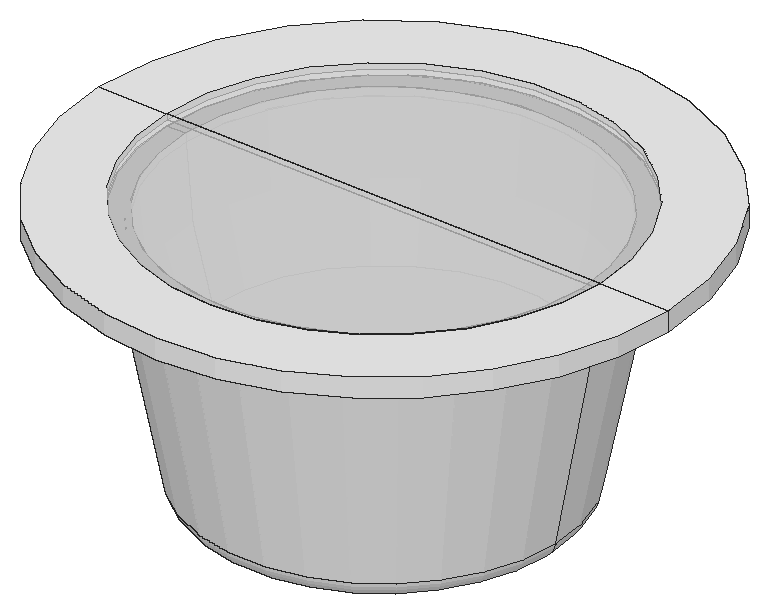
Revit family "2060550+2028036 Sylvania Lighting Fixture ASCENT 100 II ARCH 1900 3K STD 160 with IP44 Frost Glass", category Lighting Fixtures, host Face, Revit 2016
Family settings
  Host = Face
  Part Type = Normal
  Round Connector Dimension = Use Diameter
  OmniClass Number = 23.80.70.11.17
  OmniClass Title = Specialized Lighting by Location or Use
  Cut with Voids When Loaded = No
  Light Source = Yes
  Shared = No
  Room Calculation Point = No
Parameters (values of type "2060550+2028036 ASCT100 II ARCH 1900 3K STD 160 with IP44 Frost Glass")
  WidthBezelAcc_SYL = 25.0 mm
  Weight = "1.2 kg"
  Wattage = 17 W
  WarrantyStartDate [instance] = "n/a"
  WarrantyGuarantorParts = "n/a"
  WarrantyDurationUnit = "n/a"
  WarrantyDurationParts = "n/a"
  WarrantyDescription = "n/a"
  built-in parameter 1150110 = 1 (stored number, unit not read)
  Voltage = 0 V
  VisibilityAccessory_SYL = yes
  TypeName = "ASCENT 100 II ARCH 1900 3K STD 160 with IP44 Frost Glass"
  built-in parameter 1114217 = 1 (stored number, unit not read)
  Tilt Angle = -90°
  built-in parameter 1150109 = 1 (stored number, unit not read)
  built-in parameter 1150134 = (empty or 0)
  built-in parameter 1150113 = 1 (stored number, unit not read)
  SerialNumber [instance] = "n/a"
  ReflectorRadius_SYL = Radius_SYL - 14.5 mm  # 80.0 mm
  RadiusAcc_SYL = 105.0 mm
  Radius_SYL = 94.5 mm
  URL = "http://www.sylvania-lighting.com"
  PowerFactor = 0
  PowerConsumption = "17 W"
  Photometric Web File = "2060550.ies"
  NominalWidth = 0.0 mm
  NominalLength = 0.0 mm
  NominalHeight = 94.0 mm
  Name = "ASCENT 100 II ARCH 1900 3K STD 160 with IP44 Frost Glass"
  ModelReference = "ASCENT 100 II ARCH 1900 3K STD 160 with IP44 Frost Glass"
  ModelNumber = "2060550+2028036"
  Material_4_SYL = none
  Material_3_SYL = Polycarbonate_Sylvania_Ascent_Opal
  Material_2_SYL = Aluminium_Sylvania_Ascent_Silver
  Material_1_SYL = Aluminum_Sylvania_Ascent_White
  Material = "aluminium housing, arcylic diffuser"
  ManufacturerName = "Feilo Sylvania"
  LuminousEfficacy = "109 lm/W"
  built-in parameter 1150105 = 147.46 (stored number, unit not read)
  Lumens = 1853 lm
  LuminaireType = ""
  built-in parameter 1150115 = 1 (stored number, unit not read)
  LightOutputRatio = "100"
  built-in parameter 1150137 = (empty or 0)
  built-in parameter 1150139 = (empty or 0)
  LampsType = Lamp  # "LED"
  LampNominalLuminous = "1847 lm"
  LampMacAdamStep = "3"
  LampColourTemperature = "3000 K"
  LampColourRenderingIndex = "80"
  built-in parameter 1150112 = 1 (stored number, unit not read)
  built-in parameter 1150114 = 1 (stored number, unit not read)
  Keynote = "16500"
  InstallationDate [instance] = "n/a"
  InputVoltage = "n/a"
  InputNominalFrequency = "n/a"
  built-in parameter 1150132 = (empty or 0)
  built-in parameter 1150102 = (empty or 0)
  built-in parameter 1150107 = 3000 (stored number, unit not read)
  built-in parameter 1150138 = (empty or 0)
  IngressProtection = "IP44"
  ImpactProtectionIndex = "IK02"
  built-in parameter 1150106 = 1.4746 (stored number, unit not read)
  IfcExportType = "IfcLightFixtureType"
  IfcExportAs = "IfcLightFixtureType"
  Height_SYL = 94.0 mm
  HeightAcc_SYL = 7.0 mm
  ExpectedLife = 50000
  EmittionSurface_SYL = if(VisibilityAccessory_SYL, 7.0 mm, 3.0 mm)  # 7.0 mm
  Emit from Circle Diameter = DiffuserRadius_SYL * 2  # 146.0 mm
  Emit Shape Visible in Rendering = no
  ElectricShockClassification = "Class II"
  built-in parameter 1150104 = 10.126 (stored number, unit not read)
  DurationUnit = "hours"
  DocumentationLiterature = "http://www.sylvania-lighting.com/product/en-int/products/2060550"
  DimmingControlOptions = "n/a"
  Dimming Lamp Color Temperature Shift = <None>
  DiffuserRadius_SYL = ReflectorRadius_SYL - 7.0 mm  # 73.0 mm
  Diameter_SYL = 2 * Radius_SYL  # 189.0 mm
  CutoutDiameter_SYL = Diameter_SYL - 13.0 mm  # 176.0 mm
  CreatedOn = "9/17/2018"
  CreatedBy = "@sylvania-lighting.com"
  Color Filter = 16777215
  built-in parameter 1114216 [instance] = 1 (stored number, unit not read)
  Model = "ASCENT 100 II ARCH 1900 3K STD 160 with IP44 Frost Glass"
  Manufacturer = "Feilo Sylvania"
  Lamp = "LED"
  Description = "Direct LED retro fit for original LED 100 Arch (160) single CFL lamp offering Matching lumen levels and improved light distribution of original LED 100 CFL lamp equivalents Typically half the power consumption compared to CFL Up to 112lm/W 160mm aperture Architectural reflector accepts range of glass accessories from existing LED 100 Arch 160 offering HE, HO and VHO versions equivalent of single 1 x 18W, 1 x 32W, 1 x 42W\r\n Additional VVHO versions which offer the performance circa 2 x 32W equivalent"  # constant formula
  Default Elevation = 0.0 mm
  built-in parameter 1140040 [instance] = 1
  BarCode [instance] = "n/a"
  built-in parameter 1114218 = 1 (stored number, unit not read)
  built-in parameter 1150133 = 10 (stored number, unit not read)
  AssetType = "Fixed"
  AssetIdentifier [instance] = "n/a"
  Assembly Code = "D5020200"
  Apparent Load = 17 VA
  Aperture_SYL = 2 * ReflectorRadius_SYL  # 160.0 mm
Reference planes
  plane 1 "Center (Front/Back)": y = 0
  plane 2: z = 0
  plane 3 "Center (Left/Right)": x = 0
  plane 4 "Fixture Bottom": z = 3
  plane 5: z = -52.5
  plane 6 "Fixture Top": z = -91
  plane 7: x = -105
  plane 8: z = 7
  plane 9: x = -80
  plane 10: z = 5
  plane 11: x = -103
Forms (mm)
  Extrusion 1, solid, material "Aluminum_Sylvania_Ascent_White", detail levels fine
    sketch origin (0, 0, 0) x (1, 0, 0) y (0, 1, 0)
      loop
        circle (0, 0) r 94.5
      loop
        circle (0, 0) r 80
    from 0 to 3
  Extrusion 2, void
    sketch origin (0, 0, 0) x (1, 0, 0) y (0, 1, 0)
      loop
        circle (0, 0) r 88
    from -91 to 3
  Revolve 3, solid, material "Aluminum_Sylvania_Ascent_White" <- "Material_1_SYL", detail levels fine
    sketch origin (0, 0, 0) x (1, 0, 0) y (0, 0, 1)
      loop
        line (0, -91.073) -> (0, -89.023) -> (-55.468, -89.014)
        arc (-55.468, -89.014) -> (-59.352, -87.613) -> (-61.54, -84.139) r 6.307
        line (-61.54, -84.139) -> (-77.991, -2.844) -> (-77.991, 0) -> (-80, 0) -> (-80, -3) -> (-63.5, -84.536)
        arc (-63.5, -84.536) -> (-60.643, -89.203) -> (-55.5, -91.073) r 8.291
        line (-55.5, -91.073) -> (0, -91.073)
      axis (0, 0) -> (0, -91.073)
    angle from 0 to 360
  Revolve 4, solid, material "Aluminium_Sylvania_Ascent_Silver" <- "Material_2_SYL", detail levels fine
    sketch origin (0, 0, 0) x (1, 0, 0) y (0, 0, 1)
      loop
        line (-80, 3) -> (-80, 0) -> (-75, 0)
        arc (-75, 0) -> (-72.349, -26.77) -> (-64.5, -52.5) r 136.5
        line (-64.5, -52.5) -> (-58, -52.5)
        arc (-58, -52.5) -> (-56.857, -61.521) -> (-53.5, -69.971) r 36.166
        line (-53.5, -69.971) -> (0, -69.971) -> (0, -50.5) -> (-63.16, -50.5)
        arc (-63.16, -50.5) -> (-70.517, -25.725) -> (-73, 0) r 134.5
        line (-73, 0) -> (-73, 3) -> (-80, 3)
      axis (0, 3) -> (0, -69.971)
    angle from 0 to 360
  Extrusion 5, solid, material "Polycarbonate_Sylvania_Ascent_Opal" <- "Material_3_SYL", detail levels fine
    sketch origin (0, 0, 0) x (1, 0, 0) y (0, 1, 0)
      loop
        circle (0, 0) r 73
    from 0 to 3
  Revolve 6, solid, material "Aluminum_Sylvania_Ascent_White" <- "Material_1_SYL", detail levels coarse+medium
    sketch origin (0, 0, 0) x (1, 0, 0) y (0, 0, 1)
      loop
        line (0, -91.073) -> (0, 3) -> (-94.5, 3) -> (-94.5, 0) -> (-79.5, 0) -> (-79.5, -3) -> (-63, -84.536)
        arc (-63, -84.536) -> (-60.143, -89.203) -> (-55, -91.073) r 8.291
        line (-55, -91.073) -> (0, -91.073)
      axis (0, 3) -> (0, -91.073)
    angle from 0 to 360
  Revolve 7, solid, material "Aluminum_Sylvania_Ascent_White" <- "Material_1_SYL", visible <- "VisibilityAccessory_SYL"
    sketch origin (0, 0, 0) x (1, 0, 0) y (0, 0, 1)
      loop
        line (-105, 0) -> (-103, 0) -> (-103, 5) -> (-80, 5) -> (-80, 7) -> (-105, 7) -> (-105, 0)
      axis (0, 7) -> (0, 0)
    angle from 0 to 360
  Revolve 8, solid, material "Polycarbonate_Sylvania_Ascent_Opal" <- "Material_3_SYL", visible <- "VisibilityAccessory_SYL"
    sketch origin (0, 0, 0) x (1, 0, 0) y (0, 0, 1)
      loop
        line (-80, 7) -> (-80, 5) -> (0, 5) -> (0, 7) -> (-80, 7)
      axis (0, 7) -> (0, 5)
    angle from 0 to 360
Lines and regions (mm)
  reference lines
    curve 1: line (-150, 0, 7) -> (125, 0, 7)
Dimensions and locks
  locked: plane 4 "Fixture Bottom" to plane 2 at 3
  "Height_SYL": plane 4 "Fixture Bottom" to plane 6 "Fixture Top"
  "ReflectorRadius_SYL": plane 3 "Center (Left/Right)" to Revolve 4 sketch curve
  locked: Revolve 4 sketch curve to Revolve 4 sketch curve at 15.5
  locked: Revolve 4 sketch curve to Revolve 4 sketch curve at 5
  locked: Revolve 4 sketch curve to Revolve 4 sketch curve at 7
  locked: Revolve 4 sketch curve to Revolve 4 sketch curve at 22
  locked: Revolve 4 sketch curve to Revolve 4 sketch curve at 26.5
  locked: Revolve 3 sketch curve to Revolve 3 sketch curve at 16.5
  locked: Revolve 3 sketch curve to Revolve 3 sketch curve at 24.5
  "ReflectorRadius_SYL": Revolve 3 sketch curve to plane 3 "Center (Left/Right)"
  locked: Revolve 3 sketch curve to plane 6 "Fixture Top" at 6.464
  locked: plane 2 to Revolve 3 sketch curve at 3
  locked: Revolve 3 sketch curve to Revolve 3 sketch curve at 2
  locked: Revolve 3 sketch curve to Revolve 3 sketch curve at 2.009
  locked: plane 2 to plane 5 at 52.5
  locked: Revolve 6 sketch curve to Revolve 6 sketch curve at 31.5
  locked: Revolve 6 sketch curve to Revolve 6 sketch curve at 39.5
  locked: Revolve 6 sketch curve to Revolve 6 sketch curve at 15
  "Radius_SYL": plane 3 "Center (Left/Right)" to Revolve 6 sketch curve
  "RadiusAcc_SYL": plane 3 "Center (Left/Right)" to plane 7
  "HeightAcc_SYL": plane 8 to level
  "WidthBezelAcc_SYL": plane 7 to plane 9
  locked: plane 7 to plane 11 at 2
  locked: plane 8 to plane 10 at 2
  "EmittionSurface_SYL": curve 1 to level
  "CutoutDiameter_SYL": diameter of Extrusion 2 sketch curve
  "ReflectorRadius_SYL": radius of Extrusion 1 sketch curve
  "DiffuserRadius_SYL": radius of Extrusion 5 sketch curve
  "Radius_SYL": radius of Extrusion 1 sketch curve
  aligned and locked: host face to plane 2
  aligned and locked: host face to level
  aligned and locked: plane 4 "Fixture Bottom" to Extrusion 1
  aligned and locked: Extrusion 1 to plane 2
  aligned and locked: Revolve 3 sketch curve to plane 3 "Center (Left/Right)"
  aligned and locked: Revolve 4 sketch curve to plane 3 "Center (Left/Right)"  (x2)
  aligned and locked: plane 4 "Fixture Bottom" to Revolve 4 sketch curve
  aligned and locked: Extrusion 5 to plane 2
  aligned and locked: plane 2 to Revolve 3 sketch curve  (x2)
  aligned and locked: Revolve 6 sketch curve to plane 3 "Center (Left/Right)"
  aligned and locked: plane 6 "Fixture Top" to Extrusion 2
  aligned and locked: Revolve 7 sketch curve to plane 3 "Center (Left/Right)"
  aligned and locked: host face to Revolve 7 sketch curve  (x2)
  aligned and locked: Revolve 7 sketch curve to plane 7
  aligned and locked: plane 8 to Revolve 7 sketch curve
  aligned and locked: plane 9 to Revolve 7 sketch curve
  aligned and locked: Revolve 7 sketch curve to plane 10
  aligned and locked: plane 11 to Revolve 7 sketch curve
  aligned and locked: Revolve 7 to Revolve 8 sketch curve
  aligned and locked: Revolve 8 sketch curve to Revolve 7  (x2)
  aligned and locked: Revolve 8 sketch curve to plane 3 "Center (Left/Right)"  (x2)
  aligned and locked: plane 3 "Center (Left/Right)" to imposter light
  aligned and locked: imposter light to plane 1 "Center (Front/Back)"
  aligned and locked: imposter light to curve 1
Automatic sketch dimensions
  plane 1 "Center (Front/Back)" to Extrusion 2 sketch curve = 0.0 mm
  Extrusion 2 sketch curve to plane 3 "Center (Left/Right)" = 0.0 mm
  Extrusion 1 sketch curve to Extrusion 1 sketch curve = 0.0 mm  (x2)
  plane 1 "Center (Front/Back)" to Extrusion 1 sketch curve = 0.0 mm
  Extrusion 1 sketch curve to plane 3 "Center (Left/Right)" = 0.0 mm
  plane 6 "Fixture Top" to Revolve 3 sketch curve = 0.073 mm
  Revolve 3 sketch curve to plane 6 "Fixture Top" = 6.861 mm
  Revolve 3 sketch curve to Revolve 3 sketch curve = 0.003 mm
  Revolve 3 sketch curve to Revolve 3 sketch curve = 0.009 mm  (x2)
  Revolve 3 sketch curve to Revolve 3 sketch curve = 0.023 mm
  Revolve 3 sketch curve to Revolve 3 sketch curve = 0.072 mm
  Revolve 3 sketch curve to Revolve 3 sketch curve = 0.008 mm
  Revolve 3 sketch curve to plane 6 "Fixture Top" = 1.977 mm
  Revolve 3 sketch curve to Revolve 3 sketch curve = 33.496 mm
  Revolve 3 sketch curve to Revolve 3 sketch curve = 0.028 mm
  plane 4 "Fixture Bottom" to Revolve 3 sketch curve = 82.431 mm
  Revolve 4 sketch curve to Revolve 4 sketch curve = 0.0 mm  (x2)
  Revolve 4 sketch curve to plane 5 = 0.0 mm
  Revolve 4 sketch curve to level = 0.0 mm
  plane 5 to Revolve 4 sketch curve = 2.0 mm
  plane 4 "Fixture Bottom" to Revolve 4 sketch curve = 9.642 mm
  plane 1 "Center (Front/Back)" to Extrusion 5 sketch curve = 0.0 mm
  Extrusion 5 sketch curve to plane 3 "Center (Left/Right)" = 0.0 mm
  Revolve 4 sketch curve to level = 69.971 mm
  Revolve 4 sketch curve to Revolve 4 sketch curve = 2.387 mm
  Revolve 6 sketch curve to level = 0.0 mm
  Revolve 6 sketch curve to plane 3 "Center (Left/Right)" = 0.0 mm
  Revolve 6 sketch curve to Revolve 6 sketch curve = 8.104 mm
  Revolve 6 sketch curve to level = 3.0 mm
  Revolve 6 sketch curve to plane 6 "Fixture Top" = 6.464 mm
  plane 6 "Fixture Top" to Revolve 6 sketch curve = 0.073 mm
  Revolve 6 sketch curve to Revolve 6 sketch curve = 33.496 mm
  plane 4 "Fixture Bottom" to Revolve 6 sketch curve = 82.431 mm
  host sketch curve to host sketch curve = 1704.996 mm
  host sketch curve to host sketch curve = 1500.0 mm
  plane 6 "Fixture Top" to Revolve 7 sketch curve = 281.274 mm
  Revolve 7 sketch curve to plane 8 = 1140.706 mm
  plane 6 "Fixture Top" to Revolve 8 sketch curve = 281.274 mm
  Revolve 8 sketch curve to Revolve 8 sketch curve = 1140.706 mm
  Revolve 3 sketch curve to plane 3 "Center (Left/Right)" = 0.0 mm
  Revolve 6 sketch curve to plane 4 "Fixture Bottom" = 0.0 mm
  plane 7 to curve 1 = 45.0 mm
  plane 3 "Center (Left/Right)" to curve 1 = 125.0 mm
Connectors
  electrical at (0, 0, -91.073), driven by "Apparent Load"
    settings: on Revolve 3, index 1, voltage 240 V, apparent load 0 VA, apparent load phase1 17 VA, apparent load phase2 0 VA, apparent load phase3 0 VA, power factor 1, load classification "Lighting", number of poles 1, system type 31, power factor state 1, is connector primary yes, connector utility no, sub classification motor no, connector description ""
